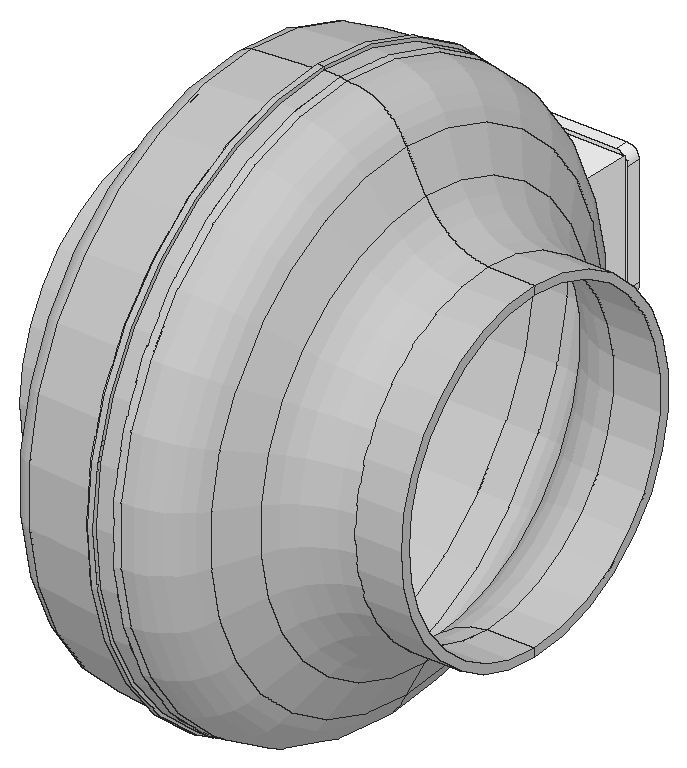
Revit family "CK 200 B EC_7001045", category Mechanical Equipment, Revit 2014
Parameters (values of type "CK 200 B EC")
  Wiring diagram = "4040143"
  Weight = 4.00 kg
  Voltage range = "200-240 / 50/60 V/Hz"
  Voltage = 230 V
  Speed = "3250 rpm"
  Sound pressure level at 3 m = "47 dB(A)"
  Power = 154 W
  Phase = 1
  Max. temperature of transported air when speed controlled = 60 °C
  Max. temperature of transported air = 60 °C
  Main Material = Steel, Galvanized
  Frequency = 50 Hz
  Elevation [instance] = 2772.5 mm
  Diameter = 199 mm
  Current = 1.21 A
  Capacitor = "- μF"
Reference planes
  plane 1 "Center (Front/Back)": y = 0
  plane 2: z = 0
  plane 3 "Center (Left/Right)": x = 0
  plane 4: z = 2772.5
Dimensions and locks
  "Elevation": plane 4 to plane 2
  aligned and locked: level to plane 2
  aligned and locked: plane 3 "Center (Left/Right)" to nested 1
  aligned and locked: plane 1 "Center (Front/Back)" to nested 1
  aligned and locked: nested 1 to plane 4
  aligned and locked: plane 1 "Center (Front/Back)" to nested 2
  aligned and locked: plane 3 "Center (Left/Right)" to nested 2
Nested families
  nested 1: "CK 200 A AC_CK 200 B ErP AC_CK 200 A EC_CK 200 B EC_geometry" at (0, 0, 2600), type "CK 200 A AC_CK 200 B ErP AC_CK 200 A EC_CK 200 B EC_geometry"
  nested 2: "Flow direction symbol" at (0, 0, 0), type "Flow direction symbol"
Connectors
  hvac at (-114, 0, 2772.5), driven by "Diameter"
    settings: on nested 1, index 1, duct flow 0.0 L/s, flow factor 0, pres drop 0.0 Pa, loss coef 0, conn angle 0.00°, conn width 304.8 mm, conn height 304.8 mm, conn diameter 199 mm, duct sys type 1, conn prof type 0, flow config 0, flow direction 1, loss method 0, conn ref index -1, conn util no, is conn primary yes, conn desc ""
  hvac at (114, 0, 2772.5), driven by "Diameter"
    settings: on nested 1, index 2, duct flow 0.0 L/s, flow factor 0, pres drop 0.0 Pa, loss coef 0, conn angle 0.00°, conn width 304.8 mm, conn height 304.8 mm, conn diameter 199 mm, duct sys type 3, conn prof type 0, flow config 0, flow direction 2, loss method 0, conn ref index -1, conn util no, is conn primary no, conn desc ""
  electrical at (-41.002, 213.31, 2773.759), driven by "Phase", driven by "Voltage"
    settings: on nested 1, index 3, voltage 230 V, apparent load 0 VA, apparent load phase1 0 VA, apparent load phase2 0 VA, apparent load phase3 0 VA, power factor 1, load classification "Other", number of poles 1, system type 31, power factor state 1, is connector primary yes, connector utility no, sub classification motor no, connector description ""
Definition of nested family "CK 200 A AC_CK 200 B ErP AC_CK 200 A EC_CK 200 B EC_geometry"
  Parameters (values of type "CK 200 A AC_CK 200 B ErP AC_CK 200 A EC_CK 200 B EC_geometry")
    Main Material = Steel, Galvanized
  Reference planes
    plane 1 "Center (Front/Back)": y = 0
    plane 2: z = 0
    plane 3 "Center (Left/Right)": x = 0
    plane 4: z = 172.5
    plane 5: y = 213.31
    plane 6: y = 172.5
    plane 7: y = -172.5
    plane 8: x = -114
    plane 9: x = 114
    plane 10: z = 345
  Forms (mm)
    Revolve 1, solid, material "Steel, Galvanized" <- "Main Material", detail levels coarse
      sketch origin (0, 0, 0) x (1, 0, 0) y (0, 0, 1)
        loop
          line (-114, 172.5) -> (-114, 73) -> (-84, 73)
          arc (-84, 73) -> (-80.275, 71.617) -> (-78.355, 68.138) r 5.708
          line (-78.355, 68.138) -> (-69.37, 21.916)
          arc (-69.37, 21.916) -> (-64.559, 12.07) -> (-55.46, 5.963) r 21.11
          arc (-55.46, 5.963) -> (-35.501, 2.961) -> (-15.481, 0.401) r 915.775
          arc (-15.481, 0.401) -> (-8.934, 0.051) -> (-2.396, 0.525) r 52.168
          arc (-2.396, 0.525) -> (11.553, 3.79) -> (24.64, 9.619) r 75.85
          arc (24.64, 9.619) -> (30.539, 14.005) -> (35.163, 19.721) r 29.321
          arc (35.163, 19.721) -> (41.654, 31.255) -> (47.159, 43.292) r 158.269
          arc (47.159, 43.292) -> (62.566, 63.44) -> (86.059, 73) r 48.289
          line (86.059, 73) -> (114, 73) -> (114, 172.5) -> (-114, 172.5)
        axis (-114, 172.5) -> (114, 172.5)
      angle from 0 to 360
    Extrusion 2, solid, material "Plastic", detail levels medium+fine
      sketch origin (2.5, 53.648, 51.25) x (1, 0, 0) y (0, 0, 1)
        loop
          line (-4.004, 163.259) -> (-83, 163.259)
          arc (-83, 163.259) -> (-87.95, 161.209) -> (-90, 156.259) r 7
          line (-90, 156.259) -> (-90, 90.259)
          arc (-90, 90.259) -> (-87.071, 83.188) -> (-80, 80.259) r 10
          line (-80, 80.259) -> (-7.004, 80.259)
          arc (-7.004, 80.259) -> (0.067, 83.188) -> (2.996, 90.259) r 10
          line (2.996, 90.259) -> (2.996, 156.259)
          arc (2.996, 156.259) -> (0.945, 161.209) -> (-4.004, 163.259) r 7
      from -159.662 to -151.628
    Extrusion 3, solid, material "Plastic", detail levels medium+fine
      sketch origin (2.5, 53.648, 51.25) x (0, 1, 0) y (0, 0, 1)
        loop
          line (118.852, 161.259) -> (118.852, 81.741) -> (151.628, 81.741) -> (151.628, 161.259) -> (118.852, 161.259)
      from -88 to 1
    Revolve 4, solid, material "Steel, Galvanized" <- "Main Material", detail levels medium+fine
      sketch origin (0, 0, 0) x (1, 0, 0) y (0, 0, 1)
        loop
          line (114, 172.5) -> (-114, 172.5) -> (-114, 73) -> (-85.704, 73)
          arc (-85.704, 73) -> (-80.507, 70.847) -> (-78.355, 65.65) r 7.35
          line (-78.355, 65.65) -> (-71.444, 30.098)
          arc (-71.444, 30.098) -> (-69.975, 23.62) -> (-68.107, 17.245) r 107.063
          arc (-68.107, 17.245) -> (-63.303, 9.901) -> (-55.46, 5.963) r 16.87
          line (-55.46, 5.963) -> (-17.973, 2.683) -> (-15.481, 2.683) -> (-15.481, 0) -> (-11.992, 0) -> (-11.992, 1.821) -> (-1.992, 1.821) -> (1.763, 2.827)
          arc (1.763, 2.827) -> (23.138, 8.85) -> (37.335, 25.928) r 37.415
          line (37.335, 25.928) -> (49.071, 48.002)
          arc (49.071, 48.002) -> (64.455, 65.103) -> (86.059, 73) r 47.629
          line (86.059, 73) -> (114, 73) -> (114, 172.5)
        axis (114, 172.5) -> (-114, 172.5)
      angle from 0 to 360
    Revolve 5, void
      sketch origin (0, 0, 0) x (1, 0, 0) y (0, 0, 1)
        loop
          line (114, 172.5) -> (-114, 172.5) -> (-114, 78) -> (-85.704, 78)
          arc (-85.704, 78) -> (-77.166, 74.573) -> (-73.367, 66.193) r 12.35
          line (-73.367, 66.193) -> (-66.536, 31.052)
          arc (-66.536, 31.052) -> (-65.135, 24.877) -> (-63.355, 18.8) r 102.063
          arc (-63.355, 18.8) -> (-60.072, 13.72) -> (-54.712, 10.917) r 11.87
          line (-54.712, 10.917) -> (-17.537, 7.664) -> (1.896, 7.826)
          arc (1.896, 7.826) -> (20.513, 13.107) -> (32.802, 28.055) r 32.415
          line (32.802, 28.055) -> (44.657, 50.349)
          arc (44.657, 50.349) -> (61.769, 69.322) -> (85.799, 78) r 52.629
          line (85.799, 78) -> (114, 78) -> (114, 172.5)
        axis (114, 172.5) -> (-114, 172.5)
      angle from 0 to 360
  Cuts and joins
    Revolve 5 cuts Revolve 4
  Dimensions and locks
    aligned and locked: level to plane 2
Definition of nested family "Flow direction symbol"
  Parameters (values of type "Flow direction symbol")
    Warning = "!"
    Text = "DIMENSIONS OVERCONSTRAINT"
  Reference planes
    plane 1: y = 0
    plane 2: x = 0
  Lines and regions (mm)
    detail lines
      curve 1: line (-0.506, 0.877, 0) -> (-0.506, -0.877, 0)
      curve 2: line (1.012, 0, 0) -> (-0.506, -0.877, 0)
      curve 3: line (-0.506, 0.877, 0) -> (1.012, 0, 0)
      curve 4: circle (0, 0, 0) r 1 normal (0, 0, 1)
